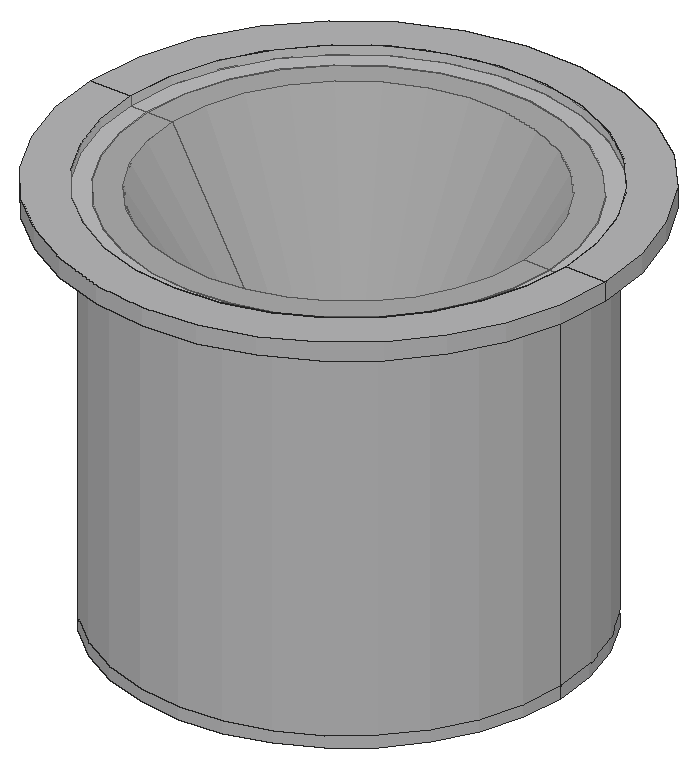
Revit family "2050668 Lighting Fixture_Sylvania_Myriad V LED_Ceiling Recessed", category Lighting Fixtures, host Face, Revit 2015
Parameters (values of type "MYRIAD SS IP65 3000K ELE WH EM")
  Weight = 1.37 kg
  Wattage = 17.2666 W
  built-in parameter 1150110 = 1 (stored number, unit not read)
  Voltage Comments = "UNV (Universal Voltage; 220-240 Volt)"  # constant formula
  Voltage = 240 V  # constant formula
  URL = ""
  built-in parameter 1114217 = 1 (stored number, unit not read)
  Tilt Angle = -90.00°  # constant formula
  built-in parameter 1150109 = 1 (stored number, unit not read)
  built-in parameter 1150134 = (empty or 0)
  built-in parameter 1150113 = 1 (stored number, unit not read)
  Reflector Material = Steel_Sylvania_Myrad V LED_Chrome
  Recessed Depth = 72.0 mm
  Photometric Web File = "2050668_MYRIADV13WLED3K+Electronic+Emergency-90759.ies"
  Product Page URL = ""
  Product Family = "MYRIAD V LED - IP65 GLASS WHITE BEZEL"  # constant formula
  Photometry Comments = ""
  built-in parameter 1150105 = 434.82 (stored number, unit not read)
  Lumens = 283 lm
  built-in parameter 1150115 = 1 (stored number, unit not read)
  built-in parameter 1150137 = (empty or 0)
  built-in parameter 1150139 = (empty or 0)
  Life = "50 000h"  # constant formula
  built-in parameter 1150112 = 1 (stored number, unit not read)
  built-in parameter 1150114 = 1 (stored number, unit not read)
  Lamp Comments = "15W Citizen Citiled neutral 3000K"
  LOR = "100%"
  Inner Radius = Cutout Radius - 2.0 mm  # 36.0 mm
  built-in parameter 1150132 = 2
  built-in parameter 1150102 = (empty or 0)
  built-in parameter 1150107 = 3000 (stored number, unit not read)
  built-in parameter 1150138 = (empty or 0)
  built-in parameter 1150106 = 4.3482 (stored number, unit not read)
  Energy Class = "A++A+A"  # constant formula
  Emit from Circle Diameter = Diffuser Diameter  # 78.0 mm
  Emit Shape Visible in Rendering = no
  built-in parameter 1150104 = 1.5227 (stored number, unit not read)
  Dimming Range = "Dimmable"  # constant formula
  Dimming Lamp Color Temperature Shift = <None>
  Diffuser Diameter = Cutout Diameter + 2.0 mm  # 78.0 mm
  Diameter = Cutout Diameter  # 76.0 mm
  Cutout Radius = Cutout Diameter / 2  # 38.0 mm
  Cutout Diameter = 76.0 mm
  Control Gear Type = "Electronic + Emergency"
  Color Filter = 16777215
  Catalog Number = "2050668 MYRIAD SS IP65 3000K ELE WH EM"
  Body Material = Aluminum_Sylvania_Myrad V LED_Silver
  Beam Angle = 30.00°  # constant formula
  built-in parameter 1114218 = 1 (stored number, unit not read)
  built-in parameter 1150133 = 10 (stored number, unit not read)
  IP Rating = "IP65"  # constant formula
  Electrical Protection = "CLASS II"  # constant formula
  built-in parameter 1114216 [instance] = 1 (stored number, unit not read)
  Model = "MYRIAD SS IP65 3000K ELE WH EM"
  Manufacturer = "Feilo-Sylvania Group"
  Lamp = "Integrated LED"
  Diffuser Material = Polycarbonate_Sylvania_Myrad V LED_Clear
  Description = "New high output high efficiency LED downlight modules. IR/UV free light source without heat radiation. Energy efficient light source with far superior luminous flux per watt than existing Low Voltage Halogen. Long life up to 50K hours, fit and forget maintenance free lighting solution. Dimmable options including DALI as standard. IP44 & IP65 versions as standard options. New range of Architectural accessories each providing a different lit dimension. Choice of colour temperatures warm 3000K and neutral 4000K. Luminaires supplied complete with LED drivers. Emergency versions passes through cut out. New completely flush plaster up accessory ring for clean ceiling lines and smooth finish. Total circuit power I5W"  # constant formula
  Default Elevation = 0.0 mm
  built-in parameter 1140040 [instance] = 1
  Assembly Code = "D5020200"
  Apparent Load Comments = ""
  Apparent Load = 18 VA
Reference planes
  plane 1 "Center (Front/Back)": y = 0
  plane 2: z = 0
  plane 3 "Center (Left/Right)": x = 0
  plane 4 "Fixture Bottom": z = 3
  plane 5 "Diffuser": z = 1.454
  plane 6 "Housing Top": z = -66.546
  plane 7 "Housing Thickness": z = -64.546
  plane 8 "Reflector Top": z = -33.546
  plane 9 "Fixture Top": z = -72
Forms (mm)
  Extrusion 1, void
    sketch origin (0, 0, 58) x (-1, 0, 0) y (0, -1, 0)
      loop
        circle (0, 0) r 38
    from -124.546 to -55
  Revolve 2, solid, material "Aluminum_Sylvania_Myrad V LED_Silver" <- "Body Material", detail levels fine
    sketch origin (0, 0, 0) x (1, 0, 0) y (0, 0, 1)
      loop
        line (-46.021, 3) -> (-46.021, 0) -> (-38, 0) -> (-38, -64.546) -> (-36.037, -64.546) -> (-36.037, 1.454) -> (-39, 1.454) -> (-39, 3) -> (-46.021, 3)
      axis (0, 3) -> (0, -64.546)
    angle from 0 to 360
  Extrusion 3, solid, material "Aluminum_Sylvania_Myrad V LED_Silver" <- "Body Material", detail levels fine
    sketch origin (0, 0, 58) x (-1, 0, 0) y (0, -1, 0)
      loop
        circle (0, 0) r 38
    from -124.546 to -122.546
  Revolve 4, solid, material "Steel_Sylvania_Myrad V LED_Chrome" <- "Reflector Material", detail levels fine
    sketch origin (0, 0, 0) x (1, 0, 0) y (0, 0, 1)
      loop
        line (-36, -33.546) -> (0, -33.546) -> (0, -31.083) -> (-12.669, -31.083) -> (-31.5, 1.454) -> (-36, 1.454) -> (-36, -33.546)
      axis (0, 1.454) -> (0, -33.546)
    angle from 0 to 360
  Extrusion 5, solid, material "Polycarbonate_Sylvania_Myrad V LED_Clear" <- "Diffuser Material", detail levels fine
    sketch origin (0, 0, 58) x (-1, 0, 0) y (0, -1, 0)
      loop
        circle (0, 0) r 39
    from -56.546 to -55
  Revolve 6, solid, material "Aluminum_Sylvania_Myrad V LED_Silver" <- "Body Material", detail levels coarse+medium
    sketch origin (0, 0, 0) x (1, 0, 0) y (0, 0, 1)
      loop
        line (-46.021, 3) -> (-46.021, 0) -> (-38, 0) -> (-38, -72) -> (0, -72) -> (0, 3) -> (-46.021, 3)
      axis (0, 3) -> (0, -72)
    angle from 0 to 360
  Revolve 7, solid
    sketch origin (0, 0, 0) x (1, 0, 0) y (0, 0, 1)
      loop
        line (-28, -66.546) -> (-28, -70)
        arc (-28, -70) -> (-27.414, -71.414) -> (-26, -72) r 2
        line (-26, -72) -> (-4.499, -72) -> (-4.499, -66.546) -> (-28, -66.546)
      axis (-4.499, -66.546) -> (-4.499, -72)
    angle from 0 to 360
Cuts and joins
  joined: Revolve 2, Extrusion 3
Dimensions and locks
  locked: plane 4 "Fixture Bottom" to plane 2 at 3
  locked: plane 5 "Diffuser" to plane 2 at 1.454
  "Cutout Radius": plane 3 "Center (Left/Right)" to Revolve 2 sketch curve
  locked: Revolve 2 sketch curve to Revolve 2 sketch curve at 1.963
  locked: Revolve 2 sketch curve to Revolve 2 sketch curve at 8.021
  locked: Revolve 4 sketch curve to Revolve 4 sketch curve at 2.463
  locked: Revolve 2 sketch curve to Revolve 2 sketch curve at 1
  "Inner Radius": plane 3 "Center (Left/Right)" to Revolve 4 sketch curve
  locked: Revolve 4 sketch curve to Revolve 4 sketch curve at 4.5
  locked: Revolve 4 sketch curve to Revolve 4 sketch curve at 23.331
  locked: plane 5 "Diffuser" to plane 8 "Reflector Top" at 35
  locked: Revolve 6 sketch curve to Revolve 6 sketch curve at 8.021
  "Cutout Radius": Revolve 6 sketch curve to imposter light
  "Recessed Depth": plane 2 to plane 9 "Fixture Top"
  locked: Revolve 7 sketch curve to imposter light at 4.499
  imposter light to Revolve 7 sketch curve = 28.0 mm
  plane 7 "Housing Thickness" to plane 6 "Housing Top" to plane 9 "Fixture Top" = 2.0 mm locked, 5.454 mm locked
  "Cutout Diameter": diameter of Extrusion 1 sketch curve
  "Cutout Diameter": diameter of Extrusion 3 sketch curve
  "Diffuser Diameter": diameter of Extrusion 5 sketch curve
  aligned and locked: host face to plane 2
  aligned and locked: level to host face
  aligned and locked: Revolve 2 sketch curve to plane 4 "Fixture Bottom"
  aligned and locked: Revolve 2 sketch curve to plane 5 "Diffuser"
  aligned and locked: Revolve 2 sketch curve to plane 2
  aligned and locked: Revolve 2 sketch curve to plane 3 "Center (Left/Right)"
  aligned and locked: plane 7 "Housing Thickness" to Extrusion 3
  aligned and locked: Extrusion 3 to plane 6 "Housing Top"
  aligned and locked: Revolve 2 sketch curve to plane 7 "Housing Thickness"
  aligned and locked: Revolve 4 sketch curve to plane 5 "Diffuser"
  aligned and locked: Revolve 4 sketch curve to plane 3 "Center (Left/Right)"  (x2)
  aligned and locked: Extrusion 5 to plane 5 "Diffuser"
  aligned and locked: plane 4 "Fixture Bottom" to Extrusion 5
  aligned and locked: Revolve 4 sketch curve to plane 8 "Reflector Top"
  aligned and locked: imposter light to plane 3 "Center (Left/Right)"
  aligned and locked: imposter light to plane 4 "Fixture Bottom"
  aligned and locked: imposter light to plane 1 "Center (Front/Back)"
  aligned and locked: Revolve 6 sketch curve to imposter light  (x2)
  aligned and locked: Revolve 6 sketch curve to plane 2
  aligned and locked: imposter light to Extrusion 1
  aligned and locked: Extrusion 1 to plane 6 "Housing Top"
  aligned and locked: Revolve 7 sketch curve to plane 6 "Housing Top"
  aligned and locked: Revolve 7 sketch curve to plane 9 "Fixture Top"
  aligned and locked: Revolve 7 sketch curve to Revolve 7 sketch curve
  aligned and locked: Revolve 6 sketch curve to plane 9 "Fixture Top"
Automatic sketch dimensions
  host sketch curve to host sketch curve = 345.0 mm
  host sketch curve to host sketch curve = 280.0 mm
  Revolve 7 sketch curve to plane 6 "Housing Top" = 0.0 mm
  Revolve 7 sketch curve to Revolve 7 sketch curve = 2.0 mm
  Revolve 7 sketch curve to plane 9 "Fixture Top" = 8.594 mm
  plane 1 "Center (Front/Back)" to Extrusion 1 sketch curve = 0.0 mm
  Extrusion 1 sketch curve to plane 3 "Center (Left/Right)" = 0.0 mm
  plane 8 "Reflector Top" to Revolve 2 sketch curve = 16.453 mm
  plane 4 "Fixture Bottom" to Revolve 2 sketch curve = 14.907 mm
  plane 1 "Center (Front/Back)" to Extrusion 3 sketch curve = 0.0 mm
  Extrusion 3 sketch curve to plane 3 "Center (Left/Right)" = 0.0 mm
  plane 4 "Fixture Bottom" to Revolve 4 sketch curve = 9.307 mm
  Revolve 4 sketch curve to Revolve 4 sketch curve = 25.0 mm
  plane 1 "Center (Front/Back)" to Extrusion 5 sketch curve = 0.0 mm
  Extrusion 5 sketch curve to plane 3 "Center (Left/Right)" = 0.0 mm
  Revolve 6 sketch curve to plane 3 "Center (Left/Right)" = 0.0 mm
  plane 8 "Reflector Top" to Revolve 6 sketch curve = 16.453 mm
  Revolve 6 sketch curve to Revolve 6 sketch curve = 14.907 mm
Connectors
  electrical at (0, 0, -72), driven by "Voltage", driven by "Apparent Load"
    settings: index 1, voltage 240 V, apparent load 0 VA, apparent load phase1 18 VA, apparent load phase2 0 VA, apparent load phase3 0 VA, power factor 1, load classification "Lighting", number of poles 1, system type 31, power factor state 1, is connector primary yes, connector utility no, sub classification motor no, connector description ""
